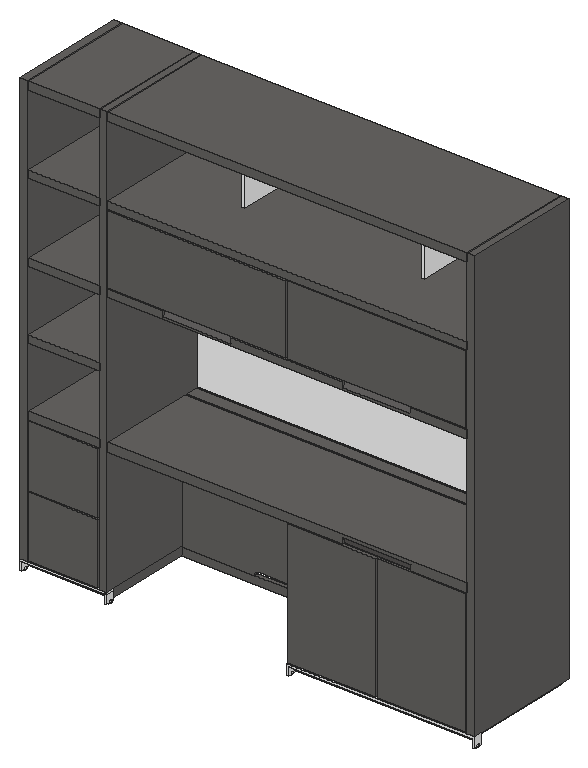
Revit family "Storage-Wall-Teknion-ZXLR_90_High_Without_Lights-R2011", category Furniture Systems, Revit 2013
Parameters (values of type "(See Type Catalog)")
  Working Wall Finish [instance] = Glass - Teknion - K6 - White Backpainted
  Width = 92.642"
  Warranty = "http://www.teknionstudio.com/pdfs/Teknion%20Studio%20Warranty.pdf"
  Wall Unit Finish [instance] = Veneer - Teknion - P7 - Grey Oak
  Unit Weight = 755.00 lbf
  URL = "www.teknionstudio.com"
  Tabletop Cutout Offset = if(Has Double Doors, 0", 4")  # 0"
  Storage Tower = Storage-Unit-Teknion-Tower : Upper Shelves & File/File Pedestal
  Series = "B&B Italia"
  Product Page URL = "http://www.teknionstudio.com/acexecutive/"
  Product Line = "AC Executive"
  Product Documentation Link = "http://www.teknionstudio.com/pricing/ac_executive_storage_walls_ppg.pdf"
  Part Number = "ZXLR"
  Model = ""
  Manufacturer Phone = "919-464-2920"
  Manufacturer Fax = "919-464-2927"
  Manufacturer Email = "customersupport@teknionstudio.com"
  Manufacturer Address = "3940 US 70 Business HWY West, Clayton, NC 27520"
  Manufacturer = "Teknion Studio"  # constant formula
  Low Emitting Material = yes
  Low Emitting Finish = yes
  Height = 89 123/128"
  Has File File Drawers = not(Has Double Doors)  # no
  Has Double Doors = yes
  Description = ""
  Depth = 24"
  Assembly Code = "E2020200"
Reference planes (in)
  plane 1 "Center F/B": y = 0
  plane 2: z = 0
  plane 3 "Back": y = 12
  plane 4 "Front": y = -12
  plane 5 "Cabinets Top": z = 73.80469
  plane 6: x = 28.60446
  plane 7: z = 29.68402
  plane 8: z = 56.1289
  plane 9: x = -44.7815
  plane 10: z = 2.1289
  plane 11: x = -8.08858
  plane 12 "Foot Centerline": y = -11.2126
  plane 13 "Tabletop Cutout": y = -12
  plane 14 "Foot Centerline Front": y = -10.22835
  plane 15 "Foot Centerline Back": y = 10.22835
  plane 16: y = -8.484
  plane 17 "Left": x = -62.49817
  plane 18 "Right": x = 30.14383
  plane 19 "Center L/R": x = -16.17717
  plane 20 "Top": z = 89.96094
Forms (in)
  Sweep 1, solid, material "Veneer - Teknion - P7 - Grey Oak" <- "Wall Unit Finish"
    path origin (0, 0, 15.40683) x (-1, 0, 0) y (0, -1, 0)
      loop
        line (0, -12) -> (0, 12)
    profile origin (0, 0, 15.40683) x (1, 0, 0) y (0, 0, 1)
      loop
        line (30.14383, -13.27793) -> (30.14383, 74.55411) -> (28.60446, 74.55411) -> (28.60446, -13.27793) -> (30.14383, -13.27793)
  Sweep 2, solid, material "Metal - Teknion - C6 - Chrome"
    path origin (0, 0, 0) x (1, 0, 0) y (0, 0, 1)
      loop
        line (-8.08858, 0.05803) -> (-8.08858, 2.1289) -> (30.14383, 2.1289) -> (30.14383, 0.05803)
    profile origin (11.02763, 0, 2.1289) x (0, 0, 1) y (0, -1, 0)
      loop
        line (0, 12) -> (-0.394, 12) -> (-0.394, 10.4252) -> (0, 10.4252) -> (0, 12)
  Sweep 3, solid, material "Metal - Teknion - C6 - Chrome"
    path origin (0, 0, 0) x (1, 0, 0) y (0, 0, 1)
      loop
        line (-8.08858, 2.1289) -> (30.14383, 2.1289)
    profile origin (11.02763, 0, 2.1289) x (0, 0, 1) y (0, -1, 0)
      loop
        line (-0.394, 10.6222) -> (-1.5748, 10.6222) -> (-1.5748, 10.4252) -> (-0.394, 10.4252) -> (-0.394, 10.6222)
  Revolve 4, solid, material "Metal - Teknion - C6 - Chrome"
    sketch origin (0.39385, -11.2126, 0) x (0, 0, -1) y (1, 0, 0)
      loop
        line (-0.4911, -8.28543) -> (-0.4911, -8.62008) -> (-0.45173, -8.65945) -> (-0.28492, -8.65945) -> (-0.24555, -8.62008) -> (-0.20618, -8.65945) -> (-0.03937, -8.65945) -> (0, -8.62008) -> (0, -8.28543) -> (-0.4911, -8.28543)
      axis (0, -8.28543) -> (-0.4911, -8.28543)
    angle from 0 to 360
  Sweep 5, solid, material "Veneer - Teknion - P7 - Grey Oak" <- "Wall Unit Finish"
    path origin (0, 0, 0) x (1, 0, 0) y (0, 0, 1)
      loop
        line (-44.7815, 29.68402) -> (28.60446, 29.68402)
    profile origin (-8.08852, 0, 29.68402) x (0, 0, 1) y (0, -1, 0)
      loop
        line (0, 12) -> (-1.7638, 12) -> (-1.7638, -7.11393) -> (-5.30827, -7.11393) -> (-5.30827, -7.08268) -> (-27.55512, -7.08268) -> (-27.55512, -7.11393) -> (-29.0945, -7.11393) -> (-29.0945, -7.80668) -> (-5.30828, -7.80668) -> (-5.30828, -12) -> (44.12067, -12) -> (44.12067, 12) -> (42.58097, 12) -> (42.58097, 11.2126) -> (27.98392, 11.2126) -> (27.98392, 12) -> (26.44488, 12) -> (26.44488, -10.94094) -> (0, -10.94094) -> (0, -10.90969) -> (-0.72441, -10.90969) -> (-0.72441, -10.56693) -> (0, -10.56693) -> (0, -8.05709) -> (-0.72441, -8.05709) -> (-0.72441, -7.80709) -> (0, -7.80709) -> (0, 12)
      loop
        line (60.27692, -12) -> (60.27692, 12) -> (58.73755, 12) -> (58.73755, -12) -> (60.27692, -12)
  Sweep 6, solid, material "Veneer - Teknion - P7 - Grey Oak" <- "Wall Unit Finish"
    path origin (0, 0, 0) x (1, 0, 0) y (0, 0, 1)
      loop
        line (-8.08858, 29.68402) -> (28.60446, 29.68402)
    profile origin (10.25794, 0, 29.68402) x (0, 0, 1) y (0, -1, 0)
      loop
        line (-1.7638, 11.27559) -> (-27.55512, 11.27559) -> (-27.55512, 10.4252) -> (-29.0945, 10.4252) -> (-29.0945, -12) -> (-1.7638, -12) -> (-1.7638, 11.27559)
  Sweep 7, solid, material "Veneer - Teknion - P7 - Grey Oak" <- "Wall Unit Finish"
    path origin (0, 0, 15.40683) x (-1, 0, 0) y (0, -1, 0)
      loop
        line (16.17717, 12) -> (16.17717, 11.276)
    profile origin (-16.17717, -11.638, 15.40683) x (-1, 0, 0) y (0, 0, 1)
      loop
        line (28.35433, 42.50186) -> (28.35433, 56.60815) -> (-7.96358, 56.60815) -> (-7.96358, 42.50186) -> (28.35433, 42.50186)
      loop
        line (-8.21358, 56.60815) -> (-44.53163, 56.60815) -> (-44.53163, 42.50186) -> (-8.21358, 42.50186) -> (-8.21358, 56.60815)
  Sweep 8, solid, material "Veneer - Teknion - P7 - Grey Oak" <- "Wall Unit Finish", visible <- "Has Double Doors"
    path origin (0, 0, 15.40683) x (-1, 0, 0) y (0, -1, 0)
      loop
        line (16.17717, 12) -> (16.17717, 11.276)
    profile origin (-16.17717, -11.638, 15.40683) x (-1, 0, 0) y (0, 0, 1)
      loop
        line (-44.5315, 12.26339) -> (-44.5315, -13.03482) -> (-26.54031, -13.03482) -> (-26.54031, 12.26339) -> (-44.5315, 12.26339)
      loop
        line (-26.29031, 12.26339) -> (-26.29031, -13.03482) -> (-8.33858, -13.03482) -> (-8.33858, 12.26339) -> (-26.29031, 12.26339)
  Sweep 9, solid, material "Veneer - Teknion - P7 - Grey Oak" <- "Wall Unit Finish", visible <- "Has File File Drawers"
    path origin (0, 0, 15.40683) x (-1, 0, 0) y (0, -1, 0)
      loop
        line (16.17717, 12) -> (16.17717, 11.276)
    profile origin (-16.17717, -11.638, 15.40683) x (-1, 0, 0) y (0, 0, 1)
      loop
        line (-44.5315, 12.26339) -> (-44.5315, 0.01144) -> (-8.33858, 0.01144) -> (-8.33858, 12.26339) -> (-44.5315, 12.26339)
      loop
        line (-8.33858, -0.77597) -> (-44.5315, -0.77597) -> (-44.5315, -13.03482) -> (-8.33858, -13.03482) -> (-8.33858, -0.77597)
  Sweep 10, void
    path origin (0, 0, 0) x (1, 0, 0) y (0, 0, 1)
      loop
        line (3.34838, 29.68402) -> (17.12791, 29.68402)
    profile origin (10.23815, 0, 29.68402) x (0, 0, 1) y (0, -1, 0)
      loop
        line (-1.7638, 12) -> (-1.7638, 11.52756) -> (-0.66143, 12) -> (-1.7638, 12)
  Sweep 11, void
    path origin (0, 0, 0) x (1, 0, 0) y (0, 0, 1)
      loop
        line (-33.3248, 56.1289) -> (-19.54528, 56.1289)
    profile origin (-26.43504, 0, 56.1289) x (0, 0, 1) y (0, -1, 0)
      loop
        line (1.53937, 12) -> (0.43699, 12) -> (1.53937, 11.52755) -> (1.53937, 12)
  Sweep 12, void
    path origin (0, 0, 0) x (1, 0, 0) y (0, 0, 1)
      loop
        line (3.36811, 56.1289) -> (17.14764, 56.1289)
    profile origin (10.25787, 0, 56.1289) x (0, 0, 1) y (0, -1, 0)
      loop
        line (1.53937, 11.52755) -> (1.53937, 12) -> (0.43699, 12) -> (1.53937, 11.52755)
  Sweep 13, void
    path origin (0, 0, 15.40683) x (-1, 0, 0) y (0, -1, 0)
      loop
        line (0, -7.80668) -> (0, -7.08268)
    profile origin (0, 7.44468, 15.40683) x (1, 0, 0) y (0, 0, 1)
      loop
        line (-29.86024, 8.96892) -> (-29.86024, 8.10396)
        arc (-29.86024, 8.10396) -> (-29.62961, 7.54718) -> (-29.07283, 7.31655) r 0.7874
        line (-29.07283, 7.31655) -> (-23.75787, 7.31655)
        arc (-23.75787, 7.31655) -> (-23.2011, 7.54718) -> (-22.97047, 8.10396) r 0.7874
        line (-22.97047, 8.10396) -> (-22.97047, 8.96892) -> (-29.86024, 8.96892)
      loop
        line (-22.97047, -13.27793) -> (-22.97047, -13.12045)
        arc (-22.97047, -13.12045) -> (-23.18957, -12.59152) -> (-23.7185, -12.37242) r 0.74803
        line (-23.7185, -12.37242) -> (-29.1122, -12.37242)
        arc (-29.1122, -12.37242) -> (-29.64114, -12.59152) -> (-29.86024, -13.12045) r 0.74803
        line (-29.86024, -13.12045) -> (-29.86024, -13.27793) -> (-22.97047, -13.27793)
  Revolve 14, solid, material "Metal - Teknion - C6 - Chrome"
    sketch origin (38.23227, -11.2126, 0) x (0, 0, -1) y (1, 0, 0)
      loop
        line (-0.4911, -8.28543) -> (-0.4911, -8.62008) -> (-0.45173, -8.65945) -> (-0.28492, -8.65945) -> (-0.24555, -8.62008) -> (-0.20618, -8.65945) -> (-0.03937, -8.65945) -> (0, -8.62008) -> (0, -8.28543) -> (-0.4911, -8.28543)
      axis (0, -8.28543) -> (-0.4911, -8.28543)
    angle from 0 to 360
  Sweep 15, solid, material "Acrylic - Teknion - Clear"
    path origin (0.48659, 0, 36.8108) x (-1, 0, 0) y (0, -1, 0)
      loop
        line (16.66376, -11.25197) -> (16.66376, 0.16535)
    profile origin (-16.17717, 5.54331, 36.8108) x (1, 0, 0) y (0, 0, 1)
      loop
        line (-10.56841, 51.60058) -> (-10.56841, 36.99388) -> (-9.97392, 36.99388) -> (-9.97392, 51.60058) -> (-10.56841, 51.60058)
      loop
        line (26.15108, 51.60058) -> (26.15108, 36.99388) -> (26.74557, 36.99388) -> (26.74557, 51.60058) -> (26.15108, 51.60058)
Cuts and joins
  joined: Sweep 2, Sweep 3, Revolve 4
  Sweep 10, Sweep 11, Sweep 12, Sweep 13 cuts Sweep 5
Lines and regions (in)
  Masking region 1
    outline origin (0, 0, 15.40683) x (-1, 0, 0) y (0, -1, 0)
      loop
        line (44.7815, -12) -> (44.7815, 12) -> (-30.14383, 12) -> (-30.14383, -12) -> (44.7815, -12)
  symbolic lines, style "Elevation Swing"
    curve 1: line (-44.7815, -12, 57.66827) -> (-26.43504, -12, 72.01499)
    curve 2: line (-8.08858, -12, 57.66832) -> (-26.43504, -12, 72.01499)
    curve 3: line (-8.08858, 0, 57.66832) -> (10.25794, 0, 72.18658)
    curve 4: line (10.25794, 0, 72.18658) -> (28.60446, 0, 57.66827)
  symbolic lines, style "Elevation Swing", visible <- "Has Double Doors"
    curve 5: line (10.11315, 0, 27.67022) -> (-7.83858, 0, 15.02111)
    curve 6: line (-7.83858, 0, 15.02111) -> (10.11315, 0, 2.37201)
    curve 7: line (10.36315, 0, 2.37201) -> (28.35433, 0, 15.02456)
    curve 8: line (28.35433, 0, 15.02456) -> (10.36315, 0, 27.67022)
  symbolic lines, detail levels medium+fine
    curve 9: line (-8.08858, 12, 15.40683) -> (-8.08858, -12, 15.40683)
  symbolic lines, style "FurnitureSystemsHiddenLines", detail levels fine
    curve 10: line (28.60433, -11.276, 15.40683) -> (-8.08858, -11.276, 15.40683)
    curve 15: line (28.60433, 12, 15.40683) -> (28.60433, -12, 15.40683)
  symbolic lines, visible <- "Has Double Doors"
    curve 11: arc (10.25794, -12, 15.40683) -> (15.63147, -24.97286, 15.40683) -> (28.60433, -30.34639, 15.40683) r 18.34639
    curve 12: line (-8.08858, -12, 15.40683) -> (-8.08858, -30.34652, 15.40683)
    curve 13: line (28.60433, -12, 15.40683) -> (28.60433, -30.34639, 15.40683)
    curve 14: arc (-8.08858, -30.34652, 15.40683) -> (4.88437, -24.97295, 15.40683) -> (10.25794, -12, 15.40683) r 18.34652
Dimensions and locks (in)
  plane 17 "Left" to plane 18 "Right" = 92.642"
  equal spacing: plane 3 "Back", plane 1 "Center F/B", plane 4 "Front"
  "Depth": plane 3 "Back" to plane 4 "Front"
  "Height": plane 20 "Top" to plane 2
  locked: plane 7 to plane 2 at 29.68402
  locked: plane 8 to plane 7 at 26.44488
  locked: plane 10 to plane 2 at 2.1289
  locked: Sweep 2 sketch curve to plane 2 at 0.05803  (x2)
  locked: plane 10 to Sweep 3 sketch curve at 0.394
  locked: Sweep 3 sketch curve to Sweep 3 sketch curve at 1.1808
  plane 4 "Front" to Sweep 3 sketch curve to Sweep 3 sketch curve = 1.3778" locked, 0.197" locked
  locked: Revolve 4 sketch curve to plane 2 at 0.4911
  plane 11 to Revolve 4 sketch curve = 0.17702"  (x2)
  Revolve 4 sketch curve to Revolve 4 sketch curve to Revolve 4 sketch curve to Revolve 4 sketch curve to Revolve 4 sketch curve to plane 2 = 0.16681" locked, 0.03937" locked, 0.03937" locked, 0.16681" locked, 0.03937" locked
  Revolve 4 sketch curve to plane 11 = 0.197"
  locked: plane 4 "Front" to plane 12 "Foot Centerline" at 0.7874
  locked: plane 10 to Sweep 5 sketch curve at 1.53939
  locked: plane 7 to Sweep 5 sketch curve at 1.7638
  Sweep 6 sketch curve to Sweep 6 sketch curve to plane 3 "Back" = 23.27559", 0"
  locked: plane 7 to Sweep 6 sketch curve at 1.7638
  locked: plane 4 "Front" to Sweep 6 sketch curve at 1.5748
  locked: plane 4 "Front" to Sweep 7 sketch curve at 0.724
  plane 5 "Cabinets Top" to Sweep 7 sketch curve to Sweep 7 sketch curve = 1.7897" locked, 14.1063" locked  (x2)
  Sweep 7 sketch curve to Sweep 7 sketch curve to Sweep 7 sketch curve to Sweep 7 sketch curve = 36.31805", 1/4", 36.31791"
  locked: plane 4 "Front" to Sweep 8 sketch curve at 0.724
  locked: plane 4 "Front" to Sweep 9 sketch curve at 0.724
  locked: Sweep 10 sketch curve to Sweep 10 sketch curve at 13.77953
  locked: plane 7 to Sweep 10 sketch curve at 1.7638
  locked: plane 13 "Tabletop Cutout" to Sweep 10 sketch curve at 0.47244
  "Tabletop Cutout Offset": plane 13 "Tabletop Cutout" to plane 4 "Front"
  locked: Sweep 11 sketch curve to Sweep 11 sketch curve at 13.77953
  locked: Sweep 11 sketch curve to plane 8 at 1.53937
  locked: Sweep 11 sketch curve to plane 8 at 0.43699
  locked: plane 4 "Front" to Sweep 11 sketch curve at 0.47245
  Sweep 12 sketch curve to Sweep 12 sketch curve to plane 8 = 1.10238" locked, 0.43699" locked
  locked: plane 4 "Front" to Sweep 12 sketch curve at 0.47245
  plane 3 "Back" to Sweep 13 sketch curve to Sweep 13 sketch curve = 4.19332" locked, 0.724" locked
  equal spacing: plane 11, curve 2, plane 9
  equal spacing: plane 6, curve 4, plane 11
  locked: plane 4 "Front" to curve 10 at 0.724
  locked: plane 3 "Back" to plane 15 "Foot Centerline Back" at 1.77165
  locked: plane 4 "Front" to plane 14 "Foot Centerline Front" at 1.77165
  locked: plane 4 "Front" to plane 16 at 3.516
  locked: plane 17 "Left" to plane 9 at 17.71667
  locked: Sweep 8 sketch curve to Sweep 8 sketch curve at 25.29821  (x2)
  Sweep 8 sketch curve to Sweep 8 sketch curve to Sweep 8 sketch curve to Sweep 8 sketch curve = 17.95173" locked, 1/4" locked, 17.99118" locked
  Sweep 9 sketch curve to Sweep 9 sketch curve to Sweep 9 sketch curve to Sweep 9 sketch curve = 12.25195" locked, 0.7874" locked, 12.25886" locked
  locked: Sweep 9 sketch curve to Sweep 9 sketch curve at 36.19291  (x2)
  equal spacing: curve 12, curve 14, plane 6
  locked: Sweep 13 sketch curve to Sweep 13 sketch curve at 6.88976  (x2)
  locked: Sweep 13 sketch curve to Sweep 13 sketch curve at 1.65236
  locked: Sweep 1 sketch curve to plane 6 at 1.53937
  locked: plane 6 to Sweep 2 sketch curve at 1.53937
  locked: Sweep 3 sketch curve to plane 6 at 1.53937
  Revolve 14 sketch curve to Revolve 14 sketch curve to Revolve 14 sketch curve to Revolve 14 sketch curve to Revolve 14 sketch curve = 0.16681" locked, 0.03937" locked, 0.03937" locked, 0.16681" locked
  locked: plane 6 to Sweep 10 sketch curve at 11.47655
  locked: plane 11 to Sweep 11 sketch curve at 11.45669
  Sweep 12 sketch curve to Sweep 12 sketch curve to plane 11 = 13.77953" locked, 11.45669" locked
  locked: Sweep 13 sketch curve to plane 11 at 14.88189
  locked: plane 11 to Sweep 13 sketch curve at 14.88189
  locked: plane 11 to Sweep 9 sketch curve at 0.25
  locked: Sweep 9 sketch curve to plane 11 at 0.25
  locked: plane 7 to Sweep 9 sketch curve at 2.0138
  locked: Sweep 8 sketch curve to plane 11 at 0.25
  locked: plane 7 to Sweep 8 sketch curve at 2.0138  (x2)
  locked: plane 6 to plane 18 "Right" at 1.53937
  equal spacing: plane 17 "Left", plane 19 "Center L/R", plane 18 "Right"
  locked: plane 19 "Center L/R" to plane 11 at 8.08858
  locked: Sweep 7 sketch curve to plane 6 at 0.25
  locked: plane 18 "Right" to Revolve 14 sketch curve at 0.197
  locked: Revolve 4 sketch curve to plane 11 at 0.197
  plane 20 "Top" to plane 5 "Cabinets Top" = 16 5/32"
  locked: Sweep 15 sketch curve to Sweep 15 sketch curve at 11.41732
  locked: Sweep 15 sketch curve to Sweep 15 sketch curve at 0.59449  (x2)
  locked: plane 3 "Back" to Sweep 15 sketch curve at 0.74803
  locked: Sweep 15 sketch curve to plane 11 at 18.0625
  locked: Sweep 15 sketch curve to plane 5 "Cabinets Top" at 14.60669  (x2)
  locked: plane 20 "Top" to Sweep 5 sketch curve at 1.53937
  locked: plane 5 "Cabinets Top" to Sweep 5 sketch curve at 1.5397
  locked: Sweep 5 sketch curve to plane 8 at 1.53904
  equal spacing: Sweep 15 sketch curve, plane 11, Sweep 15 sketch curve
  aligned and locked: level to plane 2
  aligned and locked: plane 3 "Back" to Sweep 1 sketch curve
  aligned and locked: plane 4 "Front" to Sweep 1 sketch curve
  aligned and locked: Sweep 2 sketch curve to plane 10  (x2)
  aligned and locked: Sweep 2 sketch curve to plane 4 "Front"
  aligned and locked: Sweep 3 sketch curve to plane 10
  aligned and locked: plane 2 to Revolve 4 sketch curve
  aligned and locked: Revolve 4 sketch curve to plane 2
  aligned and locked: plane 9 to Sweep 5 sketch curve
  aligned and locked: plane 6 to Sweep 5 sketch curve
  aligned and locked: Sweep 5 sketch curve to plane 7  (x4)
  aligned and locked: Sweep 5 sketch curve to plane 4 "Front"  (x2)
  aligned and locked: plane 3 "Back" to Sweep 5 sketch curve  (x2)
  aligned and locked: Sweep 6 sketch curve to plane 7
  aligned and locked: plane 10 to Sweep 6 sketch curve
  aligned and locked: plane 4 "Front" to Sweep 7 sketch curve
  aligned and locked: Sweep 5 sketch curve to plane 8
  aligned and locked: plane 4 "Front" to Sweep 8 sketch curve
  aligned and locked: plane 4 "Front" to Sweep 9 sketch curve
  aligned and locked: Sweep 10 sketch curve to plane 7
  aligned and locked: plane 13 "Tabletop Cutout" to Sweep 10 sketch curve
  aligned and locked: Sweep 11 sketch curve to plane 8
  aligned and locked: Sweep 12 sketch curve to plane 8
  aligned and locked: Sweep 12 sketch curve to plane 4 "Front"
  aligned and locked: plane 9 to curve 1
  aligned and locked: plane 11 to curve 2
  aligned and locked: Sweep 7 to curve 2
  aligned and locked: plane 6 to curve 4
  aligned and locked: Masking region 1 sketch curve to plane 3 "Back"
  aligned and locked: Masking region 1 sketch curve to plane 4 "Front"
  aligned and locked: plane 3 "Back" to curve 9
  aligned and locked: plane 4 "Front" to curve 9
  aligned and locked: plane 3 "Back" to curve 15
  aligned and locked: plane 4 "Front" to curve 15
  aligned and locked: plane 4 "Front" to Sweep 11 sketch curve
  aligned and locked: Sweep 5 sketch curve to plane 5 "Cabinets Top"
  aligned and locked: plane 12 "Foot Centerline" to Sweep 5 sketch curve
  aligned and locked: plane 4 "Front" to Sweep 5 sketch curve  (x2)
  aligned and locked: plane 4 "Front" to curve 14
  aligned and locked: Sweep 2 sketch curve to plane 11
  aligned and locked: plane 11 to Sweep 3 sketch curve
  aligned and locked: Sweep 1 sketch curve to plane 6
  aligned and locked: Sweep 1 sketch curve to plane 10
  aligned and locked: plane 10 to Sweep 13 sketch curve
  aligned and locked: Masking region 1 sketch curve to plane 18 "Right"
  aligned and locked: plane 9 to Masking region 1 sketch curve
  aligned and locked: Sweep 8 sketch curve to plane 19 "Center L/R"
  aligned and locked: plane 1 "Center F/B" to Sweep 6 sketch curve
  aligned and locked: plane 11 to Sweep 6 sketch curve
  aligned and locked: plane 6 to Sweep 6 sketch curve
  aligned and locked: Sweep 9 sketch curve to plane 19 "Center L/R"
  aligned and locked: Sweep 7 sketch curve to plane 19 "Center L/R"
  aligned and locked: nested 1 to plane 2
  aligned and locked: Sweep 8 to curve 7
  aligned and locked: curve 6 to Sweep 8
  aligned and locked: curve 8 to Sweep 8
  aligned and locked: Sweep 8 to curve 5
  aligned and locked: Sweep 8 to Sweep 8
  aligned and locked: Sweep 8 to curve 6
  aligned and locked: curve 7 to Sweep 8
  aligned and locked: Sweep 8 to curve 8
  aligned and locked: Revolve 14 sketch curve to Revolve 14 sketch curve  (x2)
  aligned and locked: Revolve 14 sketch curve to plane 2
  aligned and locked: Revolve 4 sketch curve to Revolve 4 sketch curve
  aligned and locked: plane 9 to nested 1
  aligned and locked: nested 1 to plane 1 "Center F/B"
  aligned and locked: plane 19 "Center L/R" to Sweep 15 sketch curve
  aligned and locked: plane 5 "Cabinets Top" to Sweep 15 sketch curve  (x2)
  aligned and locked: Sweep 5 sketch curve to plane 20 "Top"
  aligned and locked: plane 20 "Top" to Sweep 1 sketch curve
Automatic sketch dimensions
  curve 9 to plane 11 = 0"
  curve 11 to plane 6 = 0.00013"
  curve 11 to curve 14 = 0"
  plane 8 to curve 2 = 1.53942"
  plane 8 to curve 1 = 1.53937"
  profile plane to Sweep 2 sketch curve = 0.394"
  Sweep 2 sketch curve to Sweep 2 sketch curve = 1.5748"
  Sweep 6 sketch curve to plane 11 = 0"
  Sweep 6 sketch curve to plane 6 = 0"
  Sweep 6 sketch curve to Sweep 6 sketch curve = 1.53939"
  profile plane to Sweep 10 sketch curve = 0.66143"
  profile plane to Sweep 13 sketch curve = 8.96892"
  Sweep 13 sketch curve to Sweep 13 sketch curve = 0.74803"  (x2)
  Sweep 13 sketch curve to Sweep 13 sketch curve = 0.7874"  (x2)
  Sweep 13 sketch curve to Sweep 13 sketch curve = 0.15748"
  plane 11 to Sweep 1 sketch curve = 8.08858"
  plane 11 to Sweep 13 sketch curve = 8.08858"
  curve 3 to plane 11 = 0"
  curve 8 to plane 6 = 0.25013"
  curve 8 to curve 5 = 0"
  plane 10 to curve 8 = 12.89566"
  plane 10 to curve 6 = 12.89222"
  plane 10 to curve 6 = 0.24311"
  plane 8 to curve 4 = 1.53937"
  plane 8 to curve 3 = 1.53942"
  curve 3 to plane 5 "Cabinets Top" = 1.61811"
  level to Revolve 14 sketch curve = 0.03937"
  Revolve 14 sketch curve to Revolve 14 sketch curve = 0.03937"  (x2)
  Revolve 14 sketch curve to Revolve 14 sketch curve = 0.7589"
  Revolve 14 sketch curve to level = 1"
  Revolve 14 sketch curve to plane 18 "Right" = 0.53165"
  Revolve 14 sketch curve to Revolve 14 sketch curve = 0"  (x2)
  Revolve 4 sketch curve to Revolve 4 sketch curve = 0.4777"
  Revolve 4 sketch curve to Revolve 4 sketch curve = 0.03937"  (x2)
  Sweep 5 sketch curve to Sweep 5 sketch curve = 1.53939"
  Sweep 5 sketch curve to Sweep 5 sketch curve = 3.54449"
  Sweep 5 sketch curve to Sweep 5 sketch curve = 0"
  profile plane to Sweep 5 sketch curve = 0.72441"  (x2)
  Sweep 5 sketch curve to plane 1 "Center F/B" = 10.94094"
  Sweep 5 sketch curve to Sweep 5 sketch curve = 1/32"  (x2)
  Sweep 5 sketch curve to Sweep 5 sketch curve = 0.34277"
  Sweep 5 sketch curve to Sweep 5 sketch curve = 2.50984"
  Sweep 5 sketch curve to Sweep 5 sketch curve = 1/4"
  Sweep 5 sketch curve to Sweep 5 sketch curve = 4.19332"
  Sweep 5 sketch curve to Sweep 5 sketch curve = 0.69316"
  Sweep 5 sketch curve to Sweep 5 sketch curve = 0.69275"
Nested families (in)
  nested 1: "Storage-Unit-Teknion-Tower" at (-53.63976, 0, 0) x (-1, 0, 0) z (0, 0, 1), type <- "Storage Tower", Height <- "Height", type "Upper Shelves & File/File Pedestal"
    with Height 89 123/128", Has Top Shelf yes, Bottom Drawer Height 13.047"
Definition of nested family "Storage-Unit-Teknion-Tower"
  Parameters (values of type "Upper Wardrobe & Lower Door")
    Width = 17.71654"
    Warranty = "http://www.teknionstudio.com/pdfs/Teknion%20Studio%20Warranty.pdf"
    Wall Unit Finish = Veneer - Teknion - P8 - Light Brushed Oak
    URL = "www.teknionstudio.com"
    Series = "B&B Italia"
    Product Line = "AC Executive"
    Model = ""
    Middle Drawer Height = if(Has Top Drawer, 6.425", 12.719")  # 12.719"
    Manufacturer Phone = "919-464-2920"
    Manufacturer Fax = "919-464-2927"
    Manufacturer Email = "customersupport@teknionstudio.com"
    Manufacturer Address = "3940 US 70 Business HWY West, Clayton, NC 27520"
    Manufacturer = "Teknion Studio"  # constant formula
    Height [instance] = 73.81394"
    Has Top Shelf [instance] = and(Height > 75", Has Shelves)  # no
    Has Top Drawer = no
    Has Top Door = yes
    Has Shelves = no
    Has Right Leg = yes
    Has Middle Drawer = no
    Has Lower Shelf = yes
    Has Left Leg = yes
    Has Full Wardrobe Door = no
    Has Doors = yes
    Door Projection Symbol = yes
    Description = "Tower Storage Unit"
    Depth = 24"
    Bottom Drawer Height [instance] = if(Has Middle Drawer, 13.047", if(Has Top Drawer, 13.047", if(Has Full Wardrobe Door, (Height - 3.668"), 26.016")))  # 26.016"
    Assembly Code = "E2010200"
  Types (7): name | Wall Unit Finish | Series | Product Line | Middle Drawer Height | Has Top Drawer | Has Top Door | Has Shelves | Has Middle Drawer | Has Lower Shelf | Has Full Wardrobe Door | Has Doors | Door Projection Symbol | Bottom Drawer Height
    Upper Shelves & Lower Door | none | "AC Executive" | "" | 12.719" | no | no | yes | no | yes | no | yes | yes | 26.016"
    Upper Shelves & File/File Pedestal | none | "AC Executive" | "" | 12.719" | no | no | yes | yes | yes | no | no | no | 13.047"
    Upper Shelves & Box/Box/File Pedestal | Veneer - Teknion - P8 - Light Brushed Oak | "AC Executive" | "" | 6.425" | yes | no | yes | yes | yes | yes | no | no | 13.047"
    Full Wardrobe | none | "AC Executive" | "" | 12.719" | no | no | no | no | no | yes | yes | yes | 70.14594"
    Upper Wardrobe & Lower Door | Veneer - Teknion - P8 - Light Brushed Oak | "B&B Italia" | "AC Executive" | 12.719" | no | yes | no | no | yes | no | yes | yes | 26.016"
    Upper Wardrobe & File/File Pedestal | none | "AC Executive" | "" | 12.719" | no | yes | no | yes | yes | no | no | yes | 13.047"
    Upper Wardrobe & Box/Box/File Pedestal | none | "AC Executive" | "" | 6.425" | yes | yes | no | yes | yes | no | no | yes | 13.047"
  Reference planes (in)
    plane 1 "Center F/B": y = 0
    plane 2: z = 0
    plane 3 "Center L/R": x = 0
    plane 4 "Left": x = -8.85827
    plane 5 "Right": x = 8.85827
    plane 6 "Back": y = 12
    plane 7 "Front": y = -12
    plane 8 "Top": z = 73.81394
    plane 9: x = -7.3189
    plane 10: x = 7.3189
    plane 11: z = 2.1289
    plane 12 "Foot Centerline": y = -11.2126
    plane 13: z = 29.68402
    plane 14 "Drawer 1 Top": z = 28.1449
    plane 15 "Drawer 2 Top": z = 40.8639
    plane 16 "Drawer 3 Top": z = 27.89502
    plane 17: z = 42.13677
  Forms (in)
    Sweep 1, solid, material "Metal - Teknion - C6 - Chrome", visible <- "Has Left Leg"
      path origin (0, -12, 0) x (1, 0, 0) y (0, 0, 1)
        loop
          line (-8.85827, 1.7349) -> (-8.85827, 0.05803)
      profile origin (-8.85827, -12, 0.89646) x (0, -1, 0) y (1, 0, 0)
        loop
          line (-1.5748, 0) -> (0, 0) -> (0, 0.394) -> (-1.5748, 0.394) -> (-1.5748, 0)
    Sweep 2, solid, material "Metal - Teknion - C6 - Chrome"
      path origin (0, -12, 0) x (1, 0, 0) y (0, 0, 1)
        loop
          line (-8.46427, 2.1289) -> (8.46427, 2.1289)
      profile origin (0, -12, 2.1289) x (0, 0, 1) y (0, -1, 0)
        loop
          line (-0.394, -1.5748) -> (-0.394, -1.3778) -> (-1.575, -1.3778) -> (-1.575, -1.5748) -> (-0.394, -1.5748)
    Revolve 3, solid, material "Metal - Teknion - C6 - Chrome"
      sketch origin (0, -11.2126, 0) x (0, 0, -1) y (1, 0, 0)
        loop
          line (-0.4911, 8.32677) -> (-0.45173, 8.2874) -> (-0.28492, 8.2874) -> (-0.24555, 8.32677) -> (-0.20618, 8.2874) -> (-0.03937, 8.2874) -> (0, 8.32677) -> (0, 8.66142) -> (-0.4911, 8.66142) -> (-0.4911, 8.32677)
        axis (0, 8.66142) -> (-0.4911, 8.66142)
      angle from 0 to 360
    Revolve 4, solid, material "Metal - Teknion - C6 - Chrome", visible <- "Has Left Leg"
      sketch origin (0, -11.2126, 0) x (0, 0, -1) y (1, 0, 0)
        loop
          line (0, -8.99606) -> (0, -8.66142) -> (-0.4911, -8.66142) -> (-0.4911, -8.99606) -> (-0.45173, -9.03543) -> (-0.28492, -9.03543) -> (-0.24555, -8.99606) -> (-0.20618, -9.03543) -> (-0.03937, -9.03543) -> (0, -8.99606)
        axis (0, -8.66142) -> (-0.4911, -8.66142)
      angle from 0 to 360
    Sweep 5, solid, material "Veneer - Teknion - P8 - Light Brushed Oak" <- "Wall Unit Finish"
      path origin (0, 0, 0) x (1, 0, 0) y (0, 0, 1)
        loop
          line (0, 2.1289) -> (0, 73.81394)
      profile origin (0, 0, 37.97142) x (-1, 0, 0) y (0, -1, 0)
        loop
          line (8.85827, -12) -> (8.85827, 12) -> (7.3189, 12) -> (7.3189, -12) -> (8.85827, -12)
        loop
          line (-7.3189, 12) -> (-8.85827, 12) -> (-8.85827, -12) -> (-7.3189, -12) -> (-7.3189, 12)
    Sweep 6, solid, material "Veneer - Teknion - P8 - Light Brushed Oak" <- "Wall Unit Finish"
      path origin (0, 0, 15.40683) x (-1, 0, 0) y (0, -1, 0)
        loop
          line (0, -12) -> (0, 12)
      profile origin (0, 0, 15.40683) x (1, 0, 0) y (0, 0, 1)
        loop
          line (-7.3189, 58.4071) -> (-7.3189, 56.86773) -> (7.3189, 56.86773) -> (7.3189, 58.4071) -> (-7.3189, 58.4071)
    Sweep 7, solid, material "Veneer - Teknion - P8 - Light Brushed Oak" <- "Wall Unit Finish"
      path origin (0, -12, 0) x (1, 0, 0) y (0, 0, 1)
        loop
          line (0, 2.1289) -> (0, 72.27457)
      profile origin (0, -12, 37.20173) x (-1, 0, 0) y (0, -1, 0)
        loop
          line (7.3189, -24) -> (7.3189, -23.25) -> (-7.3189, -23.25) -> (-7.3189, -24) -> (7.3189, -24)
    Sweep 8, solid, material "Veneer - Teknion - P8 - Light Brushed Oak" <- "Wall Unit Finish", visible <- "Has Lower Shelf"
      path origin (0, -12, 0) x (1, 0, 0) y (0, 0, 1)
        loop
          line (-7.3189, 29.68402) -> (7.3189, 29.68402)
      profile origin (0, -12, 29.68402) x (0, 0, 1) y (0, -1, 0)
        loop
          line (0, 0) -> (-1.539, 0) -> (-1.539, -0.724) -> (-27.55512, -0.724) -> (-27.55512, -23.25) -> (0, -23.25) -> (0, 0)
    Sweep 9, solid, material "Veneer - Teknion - P8 - Light Brushed Oak" <- "Wall Unit Finish"
      path origin (0, -12, 0) x (1, 0, 0) y (0, 0, 1)
        loop
          line (0, 2.3789) -> (0, 27.8949)
      profile origin (0, -12, 15.1369) x (-1, 0, 0) y (0, -1, 0)
        loop
          line (7.0689, -0.724) -> (7.0689, 0) -> (-7.0689, 0) -> (-7.0689, -0.724) -> (7.0689, -0.724)
    Sweep 10, solid, material "Veneer - Teknion - P8 - Light Brushed Oak" <- "Wall Unit Finish", visible <- "Has Middle Drawer"
      path origin (0, -12, 0) x (1, 0, 0) y (0, 0, 1)
        loop
          line (0, 28.1449) -> (0, 40.8639)
      profile origin (0, -12, 34.5044) x (-1, 0, 0) y (0, -1, 0)
        loop
          line (7.0689, -0.724) -> (7.0689, 0) -> (-7.0689, 0) -> (-7.0689, -0.724) -> (7.0689, -0.724)
    Sweep 11, solid, material "Veneer - Teknion - P8 - Light Brushed Oak" <- "Wall Unit Finish", visible <- "Has Top Drawer"
      path origin (0, -12, 0) x (1, 0, 0) y (0, 0, 1)
        loop
          line (0, 47.15802) -> (0, 41.1139)
      profile origin (0, -12, 44.13596) x (0, -1, 0) y (1, 0, 0)
        loop
          line (0, 7.0689) -> (-0.724, 7.0689) -> (-0.724, -7.0689) -> (0, -7.0689) -> (0, 7.0689)
    Sweep 12, solid, material "Veneer - Teknion - P8 - Light Brushed Oak" <- "Wall Unit Finish", visible <- "Has Shelves"
      path origin (0, -12, 0) x (1, 0, 0) y (0, 0, 1)
        loop
          line (0, 42.13677) -> (0, 43.67614)
      profile origin (0, -12, 42.90646) x (-1, 0, 0) y (0, -1, 0)
        loop
          line (7.3189, -23.25) -> (7.3189, 0) -> (-7.3189, 0) -> (-7.3189, -23.25) -> (7.3189, -23.25)
    Sweep 13, solid, material "Veneer - Teknion - P8 - Light Brushed Oak" <- "Wall Unit Finish", visible <- "Has Shelves"
      path origin (0, -12, 13.9918) x (1, 0, 0) y (0, 0, 1)
        loop
          line (0, 42.13677) -> (0, 43.67614)
      profile origin (0, -12, 56.89825) x (-1, 0, 0) y (0, -1, 0)
        loop
          line (7.3189, -23.25) -> (7.3189, 0) -> (-7.3189, 0) -> (-7.3189, -23.25) -> (7.3189, -23.25)
    Sweep 14, solid, material "Veneer - Teknion - P8 - Light Brushed Oak" <- "Wall Unit Finish", visible <- "Has Top Door"
      path origin (0, -12, 0) x (1, 0, 0) y (0, 0, 1)
        loop
          line (0, 29.93402) -> (0, 72.02457)
      profile origin (0, -12, 50.97929) x (-1, 0, 0) y (0, -1, 0)
        loop
          line (7.0689, -0.724) -> (7.0689, 0) -> (-7.0689, 0) -> (-7.0689, -0.724) -> (7.0689, -0.724)
    Sweep 15, solid, material "Veneer - Teknion - P8 - Light Brushed Oak" <- "Wall Unit Finish"
      path origin (0, -12, 0) x (1, 0, 0) y (0, 0, 1)
        loop
          line (-8.85827, 2.1289) -> (8.85827, 2.1289)
      profile origin (0, -12, 2.1289) x (0, 0, 1) y (0, -1, 0)
        loop
          line (0, -1.5748) -> (-1.53937, -1.5748) -> (-1.53937, -24) -> (0, -24) -> (0, -1.5748)
    Sweep 16, solid, material "Veneer - Teknion - P8 - Light Brushed Oak" <- "Wall Unit Finish", visible <- "Has Top Shelf"
      path origin (0, 0, 0) x (1, 0, 0) y (0, 0, 1)
        loop
          line (0, 73.81394) -> (0, 72.27457)
      profile origin (0, 0, 73.04425) x (0, -1, 0) y (1, 0, 0)
        loop
          line (-11.25, -7.3189) -> (12, -7.3189) -> (12, 7.3189) -> (-11.25, 7.3189) -> (-11.25, -7.3189)
    Sweep 17, solid, material "Metal - Teknion - C6 - Chrome"
      path origin (0, 0, 0) x (1, 0, 0) y (0, 0, 1)
        loop
          line (-8.85827, 2.1289) -> (8.85827, 2.1289)
      profile origin (0, 0, 2.1289) x (0, 0, 1) y (0, -1, 0)
        loop
          line (0, 10.4252) -> (0, 12) -> (-0.394, 12) -> (-0.394, 10.4252) -> (0, 10.4252)
    Sweep 18, solid, material "Metal - Teknion - C6 - Chrome"
      path origin (0, 0, 0) x (1, 0, 0) y (0, 0, 1)
        loop
          line (8.85827, 1.7349) -> (8.85827, 0.05803)
      profile origin (8.85827, 0, 0.89646) x (0, -1, 0) y (1, 0, 0)
        loop
          line (10.4252, -0.394) -> (12, -0.394) -> (12, 0) -> (10.4252, 0) -> (10.4252, -0.394)
  Lines and regions (in)
    Masking region 1
      outline origin (0, 0, 15.40683) x (-1, 0, 0) y (0, -1, 0)
        loop
          line (8.85827, -12) -> (8.85827, 12) -> (-8.85827, 12) -> (-8.85827, -12) -> (8.85827, -12)
    symbolic lines, style "FurnitureSystems", detail levels medium+fine
      curve 1: line (-7.3189, 12, 15.40683) -> (-7.3189, -12, 15.40683)
      curve 2: line (7.3189, 12, 15.40683) -> (7.3189, -12, 15.40683)
    symbolic lines, style "FurnitureSystemsHiddenLines", detail levels fine
      curve 3: line (-7.3189, -11.276, 15.40683) -> (7.3189, -11.276, 15.40683)
    symbolic lines, style "Elevation Swing", visible <- "Has Doors"
      curve 4: line (-7.3189, -12, 2.1289) -> (7.3189, -12, 15.1369)
      curve 5: line (7.3189, -12, 15.1369) -> (-7.3189, -12, 28.1449)
    symbolic lines, style "Elevation Swing", visible <- "Has Top Door"
      curve 6: line (-7.3189, -12, 29.68402) -> (7.3189, -12, 50.97929)
      curve 7: line (7.3189, -12, 50.97929) -> (-7.3189, -12, 72.27457)
    symbolic lines, style "FurnitureSystems", visible <- "Door Projection Symbol"
      curve 8: arc (-7.3189, -12, 0) -> (-3.03159, -22.35048, 0) -> (7.3189, -26.6378, 0) r 14.6378
    symbolic lines, visible <- "Door Projection Symbol"
      curve 9: line (7.3189, -12, 15.40683) -> (7.3189, -26.6378, 15.40683)
  Dimensions and locks (in)
    equal spacing: plane 4 "Left", plane 3 "Center L/R", plane 5 "Right"
    "Width": plane 4 "Left" to plane 5 "Right"
    equal spacing: plane 6 "Back", plane 1 "Center F/B", plane 7 "Front"
    "Depth": plane 6 "Back" to plane 7 "Front"
    locked: plane 4 "Left" to plane 9 at 1.53937
    locked: plane 10 to plane 5 "Right" at 1.53937
    "Height": plane 8 "Top" to level
    locked: Sweep 1 sketch curve to level at 0.05803
    locked: plane 11 to plane 2 at 2.1289
    plane 11 to Sweep 2 sketch curve to Sweep 2 sketch curve = 0.394" locked, 1.181" locked
    plane 7 "Front" to Sweep 2 sketch curve to Sweep 2 sketch curve = 1.3778" locked, 0.197" locked
    locked: Revolve 3 sketch curve to plane 2 at 0.4911  (x2)
    locked: plane 5 "Right" to Revolve 3 sketch curve at 0.57087
    locked: plane 7 "Front" to plane 12 "Foot Centerline" at 0.7874
    Revolve 3 sketch curve to Revolve 3 sketch curve to Revolve 3 sketch curve to Revolve 3 sketch curve to plane 2 = 0.16681" locked, 0.07874" locked, 0.16681" locked, 0.03937" locked
    locked: Revolve 4 sketch curve to plane 2 at 0.4911  (x2)
    locked: Revolve 4 sketch curve to Revolve 4 sketch curve at 0.37402
    Revolve 4 sketch curve to Revolve 4 sketch curve to Revolve 4 sketch curve to Revolve 4 sketch curve to plane 2 = 0.16681" locked, 0.07874" locked, 0.16681" locked, 0.03937" locked
    locked: Revolve 4 sketch curve to plane 4 "Left" at 0.19685
    locked: plane 8 "Top" to Sweep 6 sketch curve at 1.53937
    locked: plane 8 "Top" to Sweep 7 sketch curve at 1.53937
    locked: plane 6 "Back" to Sweep 7 sketch curve at 0.75
    locked: plane 13 to plane 2 at 29.68402
    locked: plane 7 "Front" to Sweep 8 sketch curve at 0.724
    locked: plane 13 to Sweep 8 sketch curve at 1.539
    locked: plane 13 to plane 16 "Drawer 3 Top" at 1.789
    "Bottom Drawer Height": plane 14 "Drawer 1 Top" to plane 11
    "Middle Drawer Height": plane 15 "Drawer 2 Top" to plane 14 "Drawer 1 Top"
    locked: plane 14 "Drawer 1 Top" to Sweep 9 sketch curve at 0.25
    locked: plane 7 "Front" to Sweep 9 sketch curve at 0.724
    locked: Sweep 10 sketch curve to plane 12 "Foot Centerline" at 0.0634
    locked: plane 7 "Front" to Sweep 11 sketch curve at 0.724
    locked: plane 17 to plane 13 at 12.45276
    group 1 to group 2 = 0"  (x2)
    group 1 to group 2 = 13.9918"
    locked: Sweep 13 to plane 17 at 13.9918
    locked: plane 8 "Top" to Sweep 14 sketch curve at 1.78937
    locked: Sweep 14 sketch curve to plane 13 at 0.25
    locked: plane 7 "Front" to Sweep 14 sketch curve at 0.724
    locked: plane 11 to Sweep 15 sketch curve at 1.53937
    locked: plane 7 "Front" to Sweep 15 sketch curve at 1.5748
    equal spacing: Sweep 6, curve 7, plane 13
    equal spacing: plane 14 "Drawer 1 Top", curve 5, plane 11
    locked: plane 6 "Back" to Sweep 16 sketch curve at 0.75
    Sweep 16 sketch curve to Sweep 16 sketch curve to plane 2 = 1.53937" locked, 72.27457" locked
    locked: Sweep 9 sketch curve to plane 11 at 0.25
    locked: plane 9 to Sweep 9 sketch curve at 0.25
    locked: Sweep 9 sketch curve to plane 10 at 0.25
    locked: Sweep 11 sketch curve to plane 15 "Drawer 2 Top" at 0.25
    locked: plane 9 to Sweep 11 sketch curve at 0.25
    locked: Sweep 11 sketch curve to plane 10 at 0.25
    locked: Sweep 10 sketch curve to plane 10 at 0.25
    locked: plane 9 to Sweep 10 sketch curve at 0.25
    locked: Sweep 11 sketch curve to Sweep 11 sketch curve at 6.04412
    locked: Sweep 14 sketch curve to plane 10 at 0.25
    locked: plane 9 to Sweep 14 sketch curve at 0.25
    locked: plane 4 "Left" to Sweep 1 sketch curve at 0.394
    locked: plane 7 "Front" to Sweep 1 sketch curve at 1.5748
    locked: plane 11 to Sweep 1 sketch curve at 0.394
    locked: Sweep 17 sketch curve to plane 7 "Front" at 1.5748
    locked: plane 11 to Sweep 17 sketch curve at 0.394
    locked: Sweep 18 sketch curve to plane 2 at 0.05803
    locked: Sweep 18 sketch curve to plane 5 "Right" at 0.394
    locked: plane 7 "Front" to Sweep 18 sketch curve at 1.5748
    locked: plane 11 to Sweep 18 sketch curve at 0.394
    locked: plane 5 "Right" to Sweep 2 sketch curve at 0.394
    locked: Sweep 2 sketch curve to plane 4 "Left" at 0.394
    aligned and locked: level to plane 2
    aligned and locked: Sweep 1 sketch curve to plane 4 "Left"
    aligned and locked: Sweep 2 sketch curve to plane 11
    aligned and locked: plane 2 to Revolve 3 sketch curve
    aligned and locked: Revolve 3 sketch curve to plane 2
    aligned and locked: plane 2 to Revolve 4 sketch curve
    aligned and locked: Revolve 4 sketch curve to plane 2
    aligned and locked: plane 8 "Top" to Sweep 5 sketch curve
    aligned and locked: plane 11 to Sweep 5 sketch curve
    aligned and locked: plane 3 "Center L/R" to Sweep 5 sketch curve
    aligned and locked: Sweep 5 sketch curve to plane 6 "Back"
    aligned and locked: plane 6 "Back" to Sweep 5 sketch curve
    aligned and locked: Sweep 5 sketch curve to plane 10
    aligned and locked: plane 5 "Right" to Sweep 5 sketch curve
    aligned and locked: Sweep 5 sketch curve to plane 9
    aligned and locked: plane 4 "Left" to Sweep 5 sketch curve
    aligned and locked: Sweep 5 sketch curve to plane 7 "Front"
    aligned and locked: plane 7 "Front" to Sweep 5 sketch curve
    aligned and locked: plane 6 "Back" to Sweep 6 sketch curve
    aligned and locked: plane 7 "Front" to Sweep 6 sketch curve
    aligned and locked: Sweep 6 sketch curve to plane 3 "Center L/R"
    aligned and locked: plane 9 to Sweep 6 sketch curve
    aligned and locked: Sweep 6 sketch curve to plane 8 "Top"
    aligned and locked: Sweep 6 sketch curve to plane 10
    aligned and locked: plane 11 to Sweep 7 sketch curve
    aligned and locked: plane 3 "Center L/R" to Sweep 7 sketch curve
    aligned and locked: plane 9 to Sweep 7 sketch curve
    aligned and locked: Sweep 7 sketch curve to plane 10
    aligned and locked: Sweep 7 sketch curve to plane 6 "Back"
    aligned and locked: plane 9 to Sweep 8 sketch curve
    aligned and locked: plane 10 to Sweep 8 sketch curve
    aligned and locked: Sweep 8 sketch curve to plane 13  (x2)
    aligned and locked: plane 7 "Front" to Sweep 8 sketch curve
    aligned and locked: Sweep 8 sketch curve to plane 11
    aligned and locked: plane 3 "Center L/R" to Sweep 9 sketch curve
    aligned and locked: Sweep 9 sketch curve to plane 7 "Front"
    aligned and locked: plane 15 "Drawer 2 Top" to Sweep 10 sketch curve
    aligned and locked: plane 14 "Drawer 1 Top" to Sweep 10 sketch curve
    aligned and locked: plane 3 "Center L/R" to Sweep 10 sketch curve
    aligned and locked: plane 7 "Front" to Sweep 10 sketch curve
    aligned and locked: Sweep 11 sketch curve to plane 3 "Center L/R"
    aligned and locked: Sweep 11 sketch curve to plane 7 "Front"
    aligned and locked: Sweep 13 to plane 9
    aligned and locked: plane 3 "Center L/R" to Sweep 14 sketch curve
    aligned and locked: Sweep 14 sketch curve to plane 7 "Front"
    aligned and locked: plane 4 "Left" to Sweep 15 sketch curve
    aligned and locked: plane 5 "Right" to Sweep 15 sketch curve
    aligned and locked: Sweep 15 sketch curve to plane 11  (x2)
    aligned and locked: Sweep 15 sketch curve to plane 6 "Back"
    aligned and locked: plane 4 "Left" to Masking region 1 sketch curve
    aligned and locked: Masking region 1 sketch curve to plane 6 "Back"
    aligned and locked: Masking region 1 sketch curve to plane 5 "Right"
    aligned and locked: Masking region 1 sketch curve to plane 7 "Front"
    aligned and locked: plane 6 "Back" to curve 1
    aligned and locked: curve 1 to plane 9
    aligned and locked: plane 7 "Front" to curve 2
    aligned and locked: plane 6 "Back" to curve 2
    aligned and locked: curve 2 to plane 10
    aligned and locked: plane 9 to curve 3
    aligned and locked: plane 10 to curve 3
    aligned and locked: curve 3 to Sweep 14
    aligned and locked: plane 11 to curve 4
    aligned and locked: plane 9 to curve 4
    aligned and locked: plane 10 to curve 5
    aligned and locked: plane 9 to curve 5
    aligned and locked: plane 14 "Drawer 1 Top" to curve 5
    aligned and locked: plane 13 to curve 6
    aligned and locked: plane 9 to curve 6
    aligned and locked: plane 9 to curve 7
    aligned and locked: curve 7 to Sweep 6
    aligned and locked: plane 7 "Front" to curve 8
    aligned and locked: curve 8 to plane 10
    aligned and locked: Sweep 16 sketch curve to plane 3 "Center L/R"
    aligned and locked: plane 9 to Sweep 16 sketch curve
    aligned and locked: Sweep 16 sketch curve to plane 10
    aligned and locked: Sweep 16 sketch curve to plane 7 "Front"
    aligned and locked: plane 4 "Left" to Sweep 17 sketch curve
    aligned and locked: plane 5 "Right" to Sweep 17 sketch curve
    aligned and locked: Sweep 17 sketch curve to plane 11  (x2)
    aligned and locked: Sweep 17 sketch curve to plane 7 "Front"
    aligned and locked: Sweep 18 sketch curve to plane 5 "Right"  (x2)
    aligned and locked: Sweep 18 sketch curve to plane 7 "Front"
  Automatic sketch dimensions
    Revolve 3 sketch curve to Revolve 3 sketch curve = 0.03937"  (x3)
    Revolve 3 sketch curve to Revolve 3 sketch curve = 0"  (x2)
    Revolve 3 sketch curve to plane 5 "Right" = 0.19685"
    Revolve 4 sketch curve to Revolve 4 sketch curve = 0.03937"  (x3)
    Revolve 4 sketch curve to Revolve 4 sketch curve = 0"  (x2)
    Sweep 12 sketch curve to Sweep 12 sketch curve = 1.53937"
    profile plane to Sweep 12 sketch curve = 0"
    profile plane to Sweep 12 sketch curve = 7.3189"
    Sweep 12 sketch curve to profile plane = 7.3189"
    Sweep 12 sketch curve to profile plane = 23 1/4"
    Sweep 13 sketch curve to Sweep 13 sketch curve = 1.53937"
    profile plane to Sweep 13 sketch curve = 0"
    profile plane to Sweep 13 sketch curve = 7.3189"
    Sweep 13 sketch curve to profile plane = 7.3189"
    Sweep 13 sketch curve to profile plane = 23 1/4"
    Sweep 8 sketch curve to Sweep 8 sketch curve = 22.526"
    curve 7 to plane 10 = 0"
    curve 8 to plane 9 = 0"
    plane 7 "Front" to curve 1 = 0"
    plane 7 "Front" to curve 9 = 14.6378"
    Sweep 1 sketch curve to profile plane = 0"
    plane 7 "Front" to Sweep 1 sketch curve = 0"
